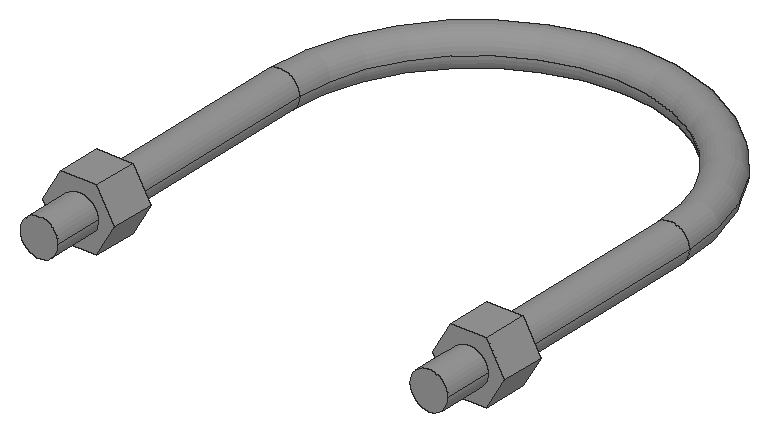
Revit family "BCA-K312(4)", category Site, Revit 2025
Family settings
  Round Connector Dimension = Use Diameter
  Part Type = Normal
  Work Plane-Based = No
  Always vertical = Yes
  Cut with Voids When Loaded = No
  Shared = No
Reference planes (in)
  plane 1 "Center (Front/Back)": y = 0
  plane 2: z = 0
  plane 3 "Center (Left/Right)": x = 0
Forms (in)
  Sweep 1, solid, material "Galvanized"
    path origin (0, 0, 0) x (1, 0, 0) y (0, 1, 0)
      loop
        line (-1.9375, -3) -> (-1.9375, 0)
        arc (-1.9375, 0) -> (0, 1.9375) -> (1.9375, 0) r 1.9375
        line (1.9375, 0) -> (1.9375, -3)
    profile origin (0, 1.9375, 0) x (0, 1, 0) y (0, 0, 1)
      loop
        circle (0, 0) r 0.1875
  Extrusion 2, solid, material "Galvanized"
    sketch origin (0.59375, 0, 0) x (1, 0, 0) y (0, 0, 1)
      loop
        line (-2.35131, -0.31166) -> (-2.17137, 0) -> (-2.35131, 0.31166) -> (-2.71119, 0.31166) -> (-2.89113, 0) -> (-2.71119, -0.31166) -> (-2.35131, -0.31166)
      loop
        circle (-2.53125, 0) r 0.15625
      loop
        line (1.52369, -0.31166) -> (1.70363, 0) -> (1.52369, 0.31166) -> (1.16381, 0.31166) -> (0.98387, 0) -> (1.16381, -0.31166) -> (1.52369, -0.31166)
      loop
        circle (1.34375, 0) r 0.15625
    from 2.06297 to 2.50437
